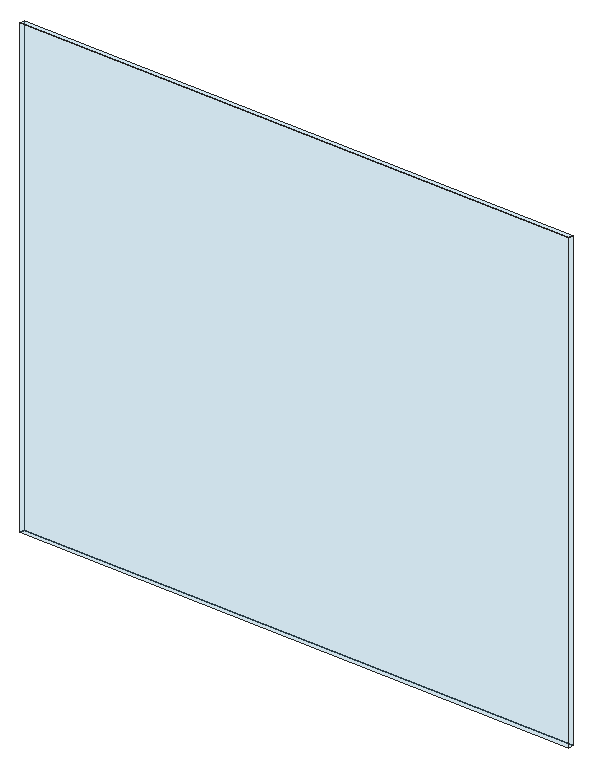
Revit family "AO_CW_UnitMirror_Gen_WB", category Casework, Revit 2019
Family settings
  Work Plane-Based = No
  Always vertical = Yes
  Cut with Voids When Loaded = No
  Shared = No
  Room Calculation Point = No
Parameters (values of type "AO_UnitMirror")
  Width [instance] = 4' - 0"
  TOMirror = 6' - 6"
  TOBacksplash = 3' - 2"
Reference planes (in)
  plane 1 "Center (Front/Back)": y = 0
  plane 2: z = 0
  plane 3 "Center (Left/Right)": x = 0
  plane 4: z = 78
  plane 5: z = 38
  plane 6: x = 48
  plane 7: x = 24
  plane 8 "Mirror Face": y = -0.5
Forms (in)
  Extrusion 1, solid, material "Glass"
    sketch origin (0, 0, 0) x (1, 0, 0) y (0, 0, 1)
      loop
        line (0, 78) -> (0, 38) -> (48, 38) -> (48, 78) -> (0, 78)
    from 0 to 0.5
Lines and regions (in)
  model lines, style "InvisibleLines"
    curve 1: line (48, 0, 92.47511) -> (48, 0, 18.47511)
  symbolic lines
    curve 2: line (15.98779, 0, 70.39189) -> (11.4186, 0, 58.48874)
    curve 3: line (12.99917, 0, 67.83833) -> (11.28573, 0, 63.37465)
    curve 4: line (16.5001, 0, 66.49445) -> (14.78665, 0, 62.03077)
    curve 8: line (38.74606, 0, 55.87173) -> (34.17687, 0, 43.96858)
    curve 9: line (35.75745, 0, 53.31818) -> (34.044, 0, 48.8545)
    curve 10: line (39.25838, 0, 51.9743) -> (37.54493, 0, 47.51062)
  symbolic lines, not visible
    curve 5: line (18.17671, 0, 65.59421) -> (13.60752, 0, 53.69106)
    curve 6: line (15.1881, 0, 63.04066) -> (13.47465, 0, 58.57698)
    curve 7: line (18.68902, 0, 61.69678) -> (16.97558, 0, 57.2331)
Dimensions and locks (in)
  "TOMirror": plane 4 to level
  "TOBacksplash": plane 5 to level
  "Width": plane 6 to plane 3 "Center (Left/Right)"
  equal spacing: plane 6, plane 7, plane 3 "Center (Left/Right)"
  aligned and locked: plane 2 to level
  aligned and locked: Extrusion 1 sketch curve to plane 4
  aligned and locked: plane 5 to Extrusion 1 sketch curve
  aligned and locked: plane 3 "Center (Left/Right)" to Extrusion 1 sketch curve
  aligned and locked: Extrusion 1 sketch curve to plane 6
  aligned and locked: curve 1 to plane 6
Automatic sketch dimensions
  level to curve 1 = 1' - 6.47511"
  plane 4 to curve 1 = 1' - 2.47511"
  curve 3 to curve 2 = 0' - 0.13287"
  curve 3 to curve 3 = 0' - 1.71345"
  curve 3 to curve 4 = 0' - 3.50093"  (x2)
  curve 3 to curve 2 = 0' - 2.98861"
  curve 2 to curve 4 = 0' - 3.54204"
  curve 4 to curve 3 = 0' - 1.34388"  (x2)
  curve 4 to curve 4 = 0' - 4.46368"
  curve 3 to curve 2 = 0' - 2.55355"
  curve 6 to curve 5 = 0' - 0.13287"
  curve 6 to curve 6 = 0' - 1.71345"
  curve 6 to curve 7 = 0' - 3.50093"  (x2)
  curve 6 to curve 5 = 0' - 2.98861"
  curve 5 to curve 7 = 0' - 3.54204"
  curve 7 to curve 6 = 0' - 1.34388"  (x2)
  curve 7 to curve 7 = 0' - 4.46368"
  curve 6 to curve 5 = 0' - 2.55355"
  curve 9 to curve 8 = 0' - 0.13287"
  curve 9 to curve 9 = 0' - 1.71345"
  curve 9 to curve 10 = 0' - 3.50093"  (x2)
  curve 9 to curve 8 = 0' - 2.98861"
  curve 8 to curve 10 = 0' - 3.54204"
  curve 10 to curve 9 = 0' - 1.34388"  (x2)
  curve 10 to curve 10 = 0' - 4.46368"
  curve 9 to curve 8 = 0' - 2.55355"
